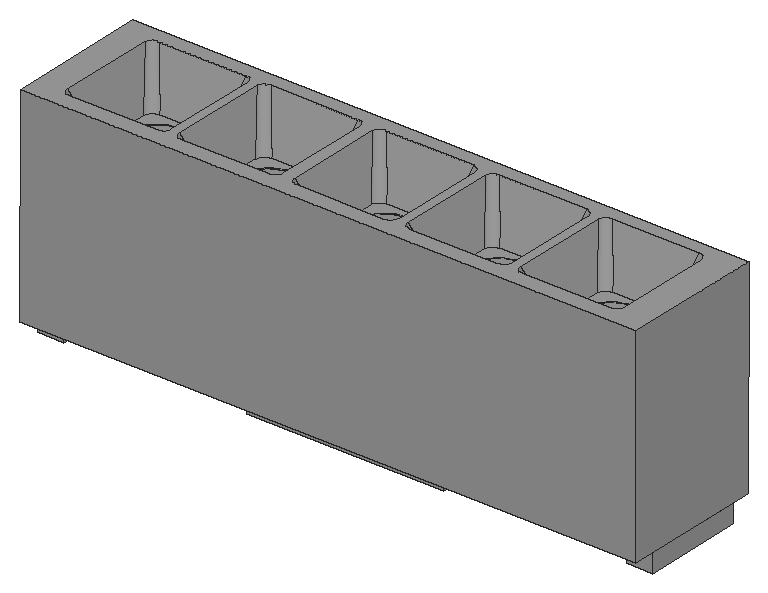
Revit family "Alcon - 15100_Multi-Cell Linear 5 Cells", category Lighting Fixtures, host Face, Revit 2025
Family settings
  Host = Face
  Round Connector Dimension = Use Diameter
  Part Type = Normal
  Cut with Voids When Loaded = No
  Light Source = Yes
  Maintain Annotation Orientation = No
  Shared = No
  Room Calculation Point = No
Parameters
  Wattage = 9.2903 W
  built-in parameter 1150110 = 1 (stored number, unit not read)
  built-in parameter 1114217 = 1 (stored number, unit not read)
  Tilt Angle = 60.00°
  built-in parameter 1150109 = 1 (stored number, unit not read)
  built-in parameter 1150134 = 3
  built-in parameter 1150113 = 1 (stored number, unit not read)
  built-in parameter 1010507 = 1.5708 (stored number, unit not read)
  built-in parameter 1010506 = 0.5236 (stored number, unit not read)
  built-in parameter 1150105 = 4614.1 (stored number, unit not read)
  Lumens = 1380 lm
  built-in parameter 1150115 = 1 (stored number, unit not read)
  Light Source Symbol Length = 10' - 0"
  built-in parameter 1150137 = (empty or 0)
  built-in parameter 1150139 = (empty or 0)
  built-in parameter 1150112 = 1 (stored number, unit not read)
  built-in parameter 1150114 = 1 (stored number, unit not read)
  built-in parameter 1150132 = (empty or 0)
  built-in parameter 1150102 = (empty or 0)
  built-in parameter 1150107 = 3200 (stored number, unit not read)
  built-in parameter 1150138 = (empty or 0)
  built-in parameter 1150106 = 46.141 (stored number, unit not read)
  Housing = Default
  Glass Frosted = Glass, Frosted
  Fixture Length = 0' - 11.9"
  built-in parameter 1150104 = 13.8 (stored number, unit not read)
  Dimming Lamp Color Temperature Shift = (empty or 0)
  Default Elevation = 4' - 0"
  Color Filter = 16777215
  built-in parameter 1114218 = 1 (stored number, unit not read)
  built-in parameter 1150133 = 10 (stored number, unit not read)
Reference planes (in)
  plane 1 "Center (Front/Back)": y = 0
  plane 2: z = 0
  plane 3 "Center (Left/Right)": x = 0
Forms (in)
  Extrusion 1, solid, material "Default" <- "Housing"
    sketch origin (0, 0, 0) x (0, 1, 0) y (0, 0, 1)
      loop
        line (0.65, 2.17) -> (-0.65, 2.17) -> (-0.65, 0.25) -> (0.65, 0.25) -> (0.65, 2.17)
    from 0 to 5.67
  Extrusion 2, solid, material "Default" <- "Housing"
    sketch origin (1.92875, 0.80127, 0) x (0, 1, 0) y (0, 0, 1)
      loop
        line (-0.32706, 0.25) -> (-1.25034, 0.25) -> (-1.25034, 0.0773) -> (-0.32706, 0.0773) -> (-0.32706, 0.25)
    from 0 to 1.8125
  Blend 3, void
    base sketch origin (0, 0.35, 2.17) x (1, 0, 0) y (0, 1, 0)
      loop
        arc (1.22022, 0.09362) -> (1.19708, 0.14947) -> (1.14122, 0.17261) r 0.07899
        line (1.14122, 0.17261) -> (0.33645, 0.17261)
        arc (0.33645, 0.17261) -> (0.28587, 0.15166) -> (0.26492, 0.10108) r 0.07153
        line (0.26492, 0.10108) -> (0.26492, -0.78581)
        arc (0.26492, -0.78581) -> (0.28529, -0.83498) -> (0.33446, -0.85535) r 0.06954
        line (0.33446, -0.85535) -> (1.13919, -0.85535)
        arc (1.13919, -0.85535) -> (1.19648, -0.83162) -> (1.22022, -0.77432) r 0.08102
        line (1.22022, -0.77432) -> (1.22022, 0.09362)
    top sketch origin (0, -0.35, 0.25) x (1, 0, 0) y (0, 1, 0)
      loop
        arc (0.49109, 0.69091) -> (0.43156, 0.66626) -> (0.4069, 0.60673) r 0.08418
        line (0.4069, 0.60673) -> (0.4069, 0.09695)
        arc (0.4069, 0.09695) -> (0.42965, 0.04204) -> (0.48456, 0.01929) r 0.07765
        line (0.48456, 0.01929) -> (0.99141, 0.01929)
        arc (0.99141, 0.01929) -> (1.05112, 0.04402) -> (1.07585, 0.10373) r 0.08444
        line (1.07585, 0.10373) -> (1.07585, 0.60691)
        arc (1.07585, 0.60691) -> (1.05125, 0.66631) -> (0.99185, 0.69091) r 0.084
        line (0.99185, 0.69091) -> (0.49109, 0.69091)
    from 0 to 1.45075
  Blend 4, void
    base sketch origin (1.03101, 0.35, 2.17) x (1, 0, 0) y (0, 1, 0)
      loop
        arc (1.22022, 0.09362) -> (1.19708, 0.14947) -> (1.14122, 0.17261) r 0.07899
        line (1.14122, 0.17261) -> (0.33645, 0.17261)
        arc (0.33645, 0.17261) -> (0.28587, 0.15166) -> (0.26492, 0.10108) r 0.07153
        line (0.26492, 0.10108) -> (0.26492, -0.78581)
        arc (0.26492, -0.78581) -> (0.28529, -0.83498) -> (0.33446, -0.85535) r 0.06954
        line (0.33446, -0.85535) -> (1.13919, -0.85535)
        arc (1.13919, -0.85535) -> (1.19648, -0.83162) -> (1.22022, -0.77432) r 0.08102
        line (1.22022, -0.77432) -> (1.22022, 0.09362)
    top sketch origin (1.03101, -0.35, 0.25) x (1, 0, 0) y (0, 1, 0)
      loop
        arc (0.49109, 0.69091) -> (0.43156, 0.66626) -> (0.4069, 0.60673) r 0.08418
        line (0.4069, 0.60673) -> (0.4069, 0.09695)
        arc (0.4069, 0.09695) -> (0.42965, 0.04204) -> (0.48456, 0.01929) r 0.07765
        line (0.48456, 0.01929) -> (0.99141, 0.01929)
        arc (0.99141, 0.01929) -> (1.05112, 0.04402) -> (1.07585, 0.10373) r 0.08444
        line (1.07585, 0.10373) -> (1.07585, 0.60691)
        arc (1.07585, 0.60691) -> (1.05125, 0.66631) -> (0.99185, 0.69091) r 0.084
        line (0.99185, 0.69091) -> (0.49109, 0.69091)
    from 0 to 1.45075
  Blend 5, void
    base sketch origin (2.09666, 0.35, 2.17) x (1, 0, 0) y (0, 1, 0)
      loop
        arc (1.22022, 0.09362) -> (1.19708, 0.14947) -> (1.14122, 0.17261) r 0.07899
        line (1.14122, 0.17261) -> (0.33645, 0.17261)
        arc (0.33645, 0.17261) -> (0.28587, 0.15166) -> (0.26492, 0.10108) r 0.07153
        line (0.26492, 0.10108) -> (0.26492, -0.78581)
        arc (0.26492, -0.78581) -> (0.28529, -0.83498) -> (0.33446, -0.85535) r 0.06954
        line (0.33446, -0.85535) -> (1.13919, -0.85535)
        arc (1.13919, -0.85535) -> (1.19648, -0.83162) -> (1.22022, -0.77432) r 0.08102
        line (1.22022, -0.77432) -> (1.22022, 0.09362)
    top sketch origin (2.09666, -0.35, 0.25) x (1, 0, 0) y (0, 1, 0)
      loop
        arc (0.49109, 0.69091) -> (0.43156, 0.66626) -> (0.4069, 0.60673) r 0.08418
        line (0.4069, 0.60673) -> (0.4069, 0.09695)
        arc (0.4069, 0.09695) -> (0.42965, 0.04204) -> (0.48456, 0.01929) r 0.07765
        line (0.48456, 0.01929) -> (0.99141, 0.01929)
        arc (0.99141, 0.01929) -> (1.05112, 0.04402) -> (1.07585, 0.10373) r 0.08444
        line (1.07585, 0.10373) -> (1.07585, 0.60691)
        arc (1.07585, 0.60691) -> (1.05125, 0.66631) -> (0.99185, 0.69091) r 0.084
        line (0.99185, 0.69091) -> (0.49109, 0.69091)
    from 0 to 1.45075
  Blend 6, void
    base sketch origin (3.13906, 0.35, 2.17) x (1, 0, 0) y (0, 1, 0)
      loop
        arc (1.22022, 0.09362) -> (1.19708, 0.14947) -> (1.14122, 0.17261) r 0.07899
        line (1.14122, 0.17261) -> (0.33645, 0.17261)
        arc (0.33645, 0.17261) -> (0.28587, 0.15166) -> (0.26492, 0.10108) r 0.07153
        line (0.26492, 0.10108) -> (0.26492, -0.78581)
        arc (0.26492, -0.78581) -> (0.28529, -0.83498) -> (0.33446, -0.85535) r 0.06954
        line (0.33446, -0.85535) -> (1.13919, -0.85535)
        arc (1.13919, -0.85535) -> (1.19648, -0.83162) -> (1.22022, -0.77432) r 0.08102
        line (1.22022, -0.77432) -> (1.22022, 0.09362)
    top sketch origin (3.13906, -0.35, 0.25) x (1, 0, 0) y (0, 1, 0)
      loop
        arc (0.49109, 0.69091) -> (0.43156, 0.66626) -> (0.4069, 0.60673) r 0.08418
        line (0.4069, 0.60673) -> (0.4069, 0.09695)
        arc (0.4069, 0.09695) -> (0.42965, 0.04204) -> (0.48456, 0.01929) r 0.07765
        line (0.48456, 0.01929) -> (0.99141, 0.01929)
        arc (0.99141, 0.01929) -> (1.05112, 0.04402) -> (1.07585, 0.10373) r 0.08444
        line (1.07585, 0.10373) -> (1.07585, 0.60691)
        arc (1.07585, 0.60691) -> (1.05125, 0.66631) -> (0.99185, 0.69091) r 0.084
        line (0.99185, 0.69091) -> (0.49109, 0.69091)
    from 0 to 1.45075
  Blend 7, void
    base sketch origin (4.17796, 0.35, 2.17) x (1, 0, 0) y (0, 1, 0)
      loop
        arc (1.22022, 0.09362) -> (1.19708, 0.14947) -> (1.14122, 0.17261) r 0.07899
        line (1.14122, 0.17261) -> (0.33645, 0.17261)
        arc (0.33645, 0.17261) -> (0.28587, 0.15166) -> (0.26492, 0.10108) r 0.07153
        line (0.26492, 0.10108) -> (0.26492, -0.78581)
        arc (0.26492, -0.78581) -> (0.28529, -0.83498) -> (0.33446, -0.85535) r 0.06954
        line (0.33446, -0.85535) -> (1.13919, -0.85535)
        arc (1.13919, -0.85535) -> (1.19648, -0.83162) -> (1.22022, -0.77432) r 0.08102
        line (1.22022, -0.77432) -> (1.22022, 0.09362)
    top sketch origin (4.17796, -0.35, 0.25) x (1, 0, 0) y (0, 1, 0)
      loop
        arc (0.49109, 0.69091) -> (0.43156, 0.66626) -> (0.4069, 0.60673) r 0.08418
        line (0.4069, 0.60673) -> (0.4069, 0.09695)
        arc (0.4069, 0.09695) -> (0.42965, 0.04204) -> (0.48456, 0.01929) r 0.07765
        line (0.48456, 0.01929) -> (0.99141, 0.01929)
        arc (0.99141, 0.01929) -> (1.05112, 0.04402) -> (1.07585, 0.10373) r 0.08444
        line (1.07585, 0.10373) -> (1.07585, 0.60691)
        arc (1.07585, 0.60691) -> (1.05125, 0.66631) -> (0.99185, 0.69091) r 0.084
        line (0.99185, 0.69091) -> (0.49109, 0.69091)
    from 0 to 1.45075
  Extrusion 8, void
    sketch origin (0, 0.35, 3.62075) x (0, 1, 0) y (1, 0, 0)
      loop
        circle (-0.34517, 0.7396) r 0.27249
      loop
        circle (-0.34517, 1.77061) r 0.27249
      loop
        circle (-0.34517, 2.83627) r 0.27249
      loop
        circle (-0.34517, 3.87866) r 0.27249
      loop
        circle (-0.34517, 4.91756) r 0.27249
    from 1.86613 to 2.23575
  Extrusion 9, solid, material "Glass, Frosted" <- "Glass Frosted"
    sketch origin (0, 0.35, 3.62075) x (1, 0, 0) y (0, 1, 0)
      loop
        circle (0.7396, -0.34517) r 0.27249
      loop
        circle (1.77061, -0.34517) r 0.27249
      loop
        circle (2.83627, -0.34517) r 0.27249
      loop
        circle (3.87866, -0.34517) r 0.27249
      loop
        circle (4.91756, -0.34517) r 0.27249
    from -1.94806 to -1.92
  Extrusion 10, solid, material "Default" <- "Housing"
    sketch origin (0, -0.35, 0.25) x (1, 0, 0) y (0, -1, 0)
      loop
        line (0.24219, -0.82421) -> (0.24219, 0.09907) -> (0, 0.09907) -> (0, -0.82421) -> (0.24219, -0.82421)
      loop
        line (5.67, -0.82421) -> (5.67, 0.09907) -> (5.42781, 0.09907) -> (5.42781, -0.82421) -> (5.67, -0.82421)
    from 0 to 0.1727
Cuts and joins
  Blend 3, Blend 4, Blend 5, Blend 6, Blend 7, Extrusion 8 cuts Extrusion 1
Lines and regions (in)
  reference lines
    curve 1: line (1.92875, -2.48319, 0) -> (1.92875, 2.01681, 0)
    curve 2: line (5.42781, 2.01681, 0) -> (5.42781, -2.48319, 0)
    curve 3: line (5.62551, 2.01681, 0) -> (5.62551, -2.48319, 0)
    curve 4: line (5.67, 2.01681, 0) -> (5.67, -2.48319, 0)
    curve 5: line (0.24219, 2.01681, 0) -> (0.24219, -2.48319, 0)
    curve 6: line (0.04449, 2.01681, 0) -> (0.04449, -2.48319, 0)
Dimensions and locks (in)
  aligned and locked: plane 2 to host face
  aligned and locked: level to host face
